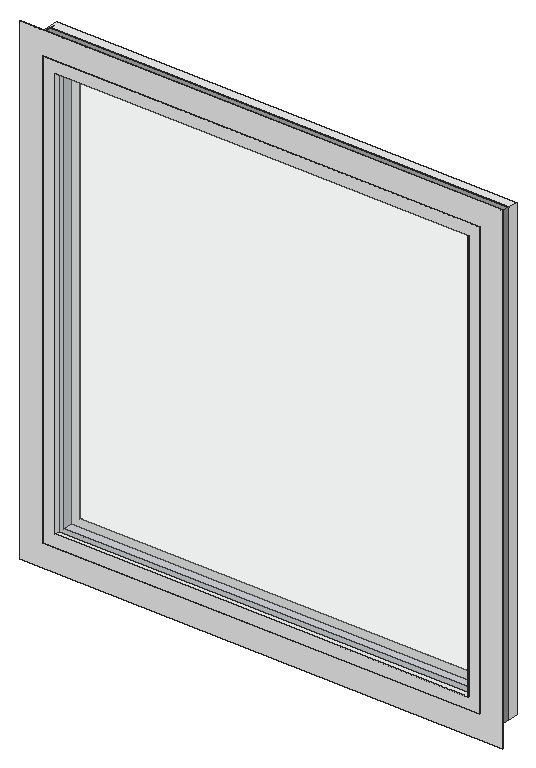
Revit family "Edge_TB42_F_Top_Hung_Custom", category Windows, host Wall, Revit 2014
Parameters (values of type "Casement_Sash_DG")
  Width Sash [instance] = 30 mm
  Width Sash Inner = 15 mm
  Width Bead = 15 mm
  Top Hung [instance] = yes
  Thermal Break Material = Rubber, Black
  Thermal Break Length = 16 mm
  Side Hung Right [instance] = yes
  Side Hung Left [instance] = yes
  Sash Opening Width [instance] = 600 mm
  Sash Opening Height [instance] = 600 mm
  Sash Lip = 15 mm
  Sash Leg [instance] = (Depth Sash - Thermal Break Length) / 2  # 13 mm
  SG Bead Leg = 6.683 mm
  Glazing Material [instance] = Glass
  Glazing Offset = 5 mm
  DG Start Piece 2 [instance] = DG End Piece 1 + DG Gasket Thickness  # 24.158 mm
  DG Start Peice 1 [instance] = ((Depth Sash - (2 * DG Glazing Thickness) - DG Gasket Thickness) / 2) - (SG Bead Leg - Aluminium Thickness) / 2  # 5.758 mm
  DG Glazing Thickness [instance] = 6.4 mm
  DG Gasket Thickness = 12 mm  # constant formula
  DG Gasket Material [instance] = none
  Depth Sash [instance] = 42 mm
  DG End Piece 2 [instance] = DG Start Piece 2 + DG Glazing Thickness  # 30.558 mm
  DG End Piece 1 [instance] = DG Start Peice 1 + DG Glazing Thickness  # 12.158 mm
  Center Vertical Sash [instance] = Sash Opening Height / 2  # 300 mm
  Center Horizontal Sash [instance] = Sash Opening Width / 2  # 300 mm
  Bottom Hung [instance] = yes
  Bead Offset = 15 mm
  Aluminium Thickness = 1 mm
  Aluminium Material [instance] = White Powder Coated Aluminium
Reference planes
  plane 1 "Center (Front/Back)": y = 0
  plane 2: z = 0
  plane 3 "Center (Left/Right)": x = 0
Forms (mm)
  Sweep 1, solid, material "White Powder Coated Aluminium" <- "Aluminium Material"
    path origin (16.177, 0, 121.331) x (1, 0, 0) y (0, 0, 1)
      loop
        line (0, 0) -> (600, 0) -> (600, 600) -> (0, 600) -> (0, 0)
    profile origin (316.177, 0, 121.331) x (0, 0, 1) y (0, -1, 0)
      loop
        line (0, 0) -> (30, 0) -> (30, 1) -> (15, 1) -> (15, 13) -> (14, 13) -> (14, 1) -> (1, 1) -> (1, 13) -> (0, 13) -> (0, 0)
      loop
        line (15, 42) -> (-15, 42) -> (-15, 41) -> (0, 41) -> (0, 29) -> (1, 29) -> (1, 41) -> (14, 41) -> (14, 29) -> (15, 29) -> (15, 42)
  Sweep 2, solid, material "White Powder Coated Aluminium" <- "Aluminium Material"
    path origin (0, 0, 0) x (1, 0, 0) y (0, 0, 1)
      loop
        line (31.177, 706.331) -> (31.177, 136.331) -> (601.177, 136.331) -> (601.177, 706.331) -> (31.177, 706.331)
    profile origin (316.177, 0, 706.331) x (0, 0, 1) y (0, -1, 0)
      loop
        line (0, 41) -> (0, 42) -> (-15, 42) -> (-15, 35.317) -> (-14, 35.317) -> (-14, 41) -> (0, 41)
  Extrusion 3, solid, material "Glass" <- "Glazing Material"
    sketch origin (0, 0, 0) x (1, 0, 0) y (0, 0, 1)
      loop
        line (36.177, 701.331) -> (36.177, 141.331) -> (596.177, 141.331) -> (596.177, 701.331) -> (36.177, 701.331)
    from 5.758 <- "DG Start Peice 1" to 12.158 <- "DG End Piece 1"
  Extrusion 4, solid, material "Glass" <- "Glazing Material"
    sketch origin (0, 0, 0) x (1, 0, 0) y (0, 0, 1)
      loop
        line (36.177, 701.331) -> (36.177, 141.331) -> (596.177, 141.331) -> (596.177, 701.331) -> (36.177, 701.331)
    from 30.558 <- "DG End Piece 2" to 24.158 <- "DG Start Piece 2"
  Sweep 5, solid, material <- "DG Gasket Material"
    path origin (0, -12.158, 0) x (1, 0, 0) y (0, 0, 1)
      loop
        line (36.177, 701.331) -> (36.177, 141.331) -> (596.177, 141.331) -> (596.177, 701.331) -> (36.177, 701.331)
    profile origin (316.177, -12.158, 701.331) x (0, 0, 1) y (0, -1, 0)
      loop
        line (0, 0) -> (0, 12) -> (-7.96, 12) -> (-7.96, 0) -> (0, 0)
  Sweep 6, solid, material "Rubber, Black" <- "Thermal Break Material"
    path origin (16.177, -13, 121.331) x (1, 0, 0) y (0, 0, 1)
      loop
        line (-15, 615) -> (-15, -15) -> (615, -15) -> (615, 615) -> (-15, 615)
    profile origin (316.177, -13, 736.331) x (0, 0, 1) y (0, -1, 0)
      loop
        line (-15, 16) -> (-16, 16) -> (-16, 0) -> (-15, 0) -> (-15, 16)
      loop
        line (-29, 16) -> (-30, 16) -> (-30, 0) -> (-29, 0) -> (-29, 16)
Lines and regions (mm)
  model lines
    curve 1: line (1.177, -42, 736.331) -> (31.177, -42, 706.331)
    curve 2: line (601.177, -42, 706.331) -> (631.177, -42, 736.331)
    curve 3: line (601.177, -42, 136.331) -> (631.177, -42, 106.331)
    curve 4: line (1.177, -42, 106.331) -> (31.177, -42, 136.331)
    curve 5: line (631.177, -41, 736.331) -> (616.177, -41, 721.331)
    curve 6: line (1.177, -41, 736.331) -> (16.177, -41, 721.331)
    curve 7: line (1.177, -41, 106.331) -> (16.177, -41, 121.331)
    curve 8: line (631.177, -41, 106.331) -> (616.177, -41, 121.331)
    curve 9: line (616.177, 0, 121.331) -> (586.177, 0, 151.331)
    curve 10: line (46.177, 0, 151.331) -> (16.177, 0, 121.331)
    curve 11: line (616.177, 0, 721.331) -> (586.177, 0, 691.331)
    curve 12: line (46.177, 0, 691.331) -> (16.177, 0, 721.331)
    curve 13: line (31.177, -42, 691.331) -> (46.177, -42, 691.331)
    curve 14: line (586.177, -42, 691.331) -> (601.177, -42, 691.331)
    curve 15: line (586.177, -42, 151.331) -> (601.177, -42, 151.331)
    curve 16: line (31.177, -42, 151.331) -> (46.177, -42, 151.331)
  model lines, style "GenericModelHiddenLines", visible <- "Top Hung"
    curve 17: line (46.386, -30.558, 690.602) -> (316.177, -30.558, 151.331)
    curve 18: line (316.177, -30.558, 151.331) -> (586.177, -30.558, 691.018)
  model lines, style "GenericModelHiddenLines", visible <- "Bottom Hung"
    curve 19: line (46.177, -30.558, 151.331) -> (316.177, -30.558, 691.018)
    curve 20: line (316.177, -30.558, 691.018) -> (586.177, -30.558, 151.331)
  model lines, style "GenericModelHiddenLines", visible <- "Side Hung Left"
    curve 21: line (46.386, -30.558, 690.602) -> (585.24, -30.558, 421.331)
    curve 22: line (585.24, -30.558, 421.331) -> (46.177, -30.558, 151.331)
  model lines, style "GenericModelHiddenLines", visible <- "Side Hung Right"
    curve 23: line (586.177, -30.558, 691.018) -> (46.177, -30.558, 421.331)
    curve 24: line (46.177, -30.558, 421.331) -> (586.177, -30.558, 151.331)
Dimensions and locks
  "Aluminium Thickness": Sweep 1 sketch curve to Sweep 1 sketch curve  (x6)
  "Depth Sash": Sweep 1 sketch curve to Sweep 1 sketch curve
  "Sash Opening Width": Sweep 1 to Sweep 1
  "Sash Opening Height": Sweep 1 to Sweep 1
  "Width Sash": Sweep 1 sketch curve to Sweep 1 sketch curve  (x2)
  "Width Sash Inner": Sweep 1 sketch curve to Sweep 1 sketch curve
  "Sash Lip": Sweep 1 sketch curve to Sweep 1 sketch curve
  "Glazing Offset": Sweep 2 to Extrusion 3 sketch curve  (x3)
  "Glazing Offset": Extrusion 3 sketch curve to Sweep 2
  Sweep 1 to Sweep 1 = 1 mm
  "Width Bead": Sweep 2 sketch curve to Sweep 2 sketch curve
  locked: Sweep 5 sketch curve to Sweep 5 sketch curve at 7.96
  "Center Horizontal Sash": Sweep 1 to curve 18
  "Center Horizontal Sash": Sweep 1 to curve 20
  "Center Vertical Sash": Sweep 1 to curve 22
  "Center Vertical Sash": Sweep 1 to curve 24
  "Sash Leg": Sweep 1 sketch curve to Sweep 1 sketch curve
  "Aluminium Thickness": Sweep 2 sketch curve to Sweep 2 sketch curve  (x2)
  "SG Bead Leg": Sweep 2 sketch curve to Sweep 2 sketch curve
  aligned and locked: level to plane 2
  aligned and locked: Sweep 1 sketch curve to Sweep 1 sketch curve  (x3)
  aligned and locked: Sweep 2 sketch curve to Sweep 1  (x4)
  aligned and locked: Sweep 1 to Sweep 2 sketch curve  (x2)
  aligned and locked: Extrusion 4 sketch curve to Extrusion 3  (x4)
  aligned and locked: Sweep 5 sketch curve to Extrusion 3  (x5)
  aligned and locked: Extrusion 3 to Sweep 5 sketch curve
  aligned and locked: Sweep 6 sketch curve to Sweep 1  (x10)
  aligned and locked: Sweep 1 to Sweep 6 sketch curve  (x2)
Automatic sketch dimensions
  plane 3 "Center (Left/Right)" to Sweep 1 sketch curve = 16.177 mm
  level to Sweep 1 sketch curve = 121.331 mm
  plane 3 "Center (Left/Right)" to Sweep 1 sketch curve = 616.177 mm
  level to Sweep 1 sketch curve = 721.331 mm
  profile plane to Sweep 5 sketch curve = 12 mm
  curve 7 to Sweep 1 = 0 mm  (x4)
  curve 6 to Sweep 1 = 0 mm  (x3)
  Sweep 1 to curve 6 = 0 mm
  curve 5 to Sweep 1 = 0 mm  (x3)
  curve 8 to Sweep 1 = 0 mm  (x4)
  Sweep 1 to curve 5 = 0 mm
  curve 16 to Sweep 2 = 0 mm  (x3)
  curve 13 to Sweep 2 = 0 mm  (x3)
  curve 15 to Sweep 2 = 0 mm
  Sweep 2 to curve 15 = 0 mm  (x2)
  curve 14 to Sweep 2 = 0 mm  (x2)
  Sweep 2 to curve 14 = 0 mm
  curve 1 to Sweep 1 = 0 mm  (x4)
  curve 4 to Sweep 1 = 0 mm  (x4)
  curve 2 to Sweep 1 = 0 mm  (x4)
  curve 3 to Sweep 1 = 0 mm  (x2)
  Sweep 1 to curve 3 = 0 mm  (x2)
  curve 10 to Sweep 1 = 0 mm  (x4)
  curve 12 to Sweep 1 = 0 mm  (x2)
  Sweep 1 to curve 12 = 0 mm  (x2)
  curve 11 to Sweep 1 = 0 mm  (x4)
  curve 9 to Sweep 1 = 0 mm  (x4)
  profile plane to Sweep 1 sketch curve = 0 mm  (x2)
  Sweep 1 sketch curve to plane 1 "Center (Front/Back)" = 0 mm
  Sweep 1 sketch curve to Sweep 1 sketch curve = 13 mm
  Sweep 1 sketch curve to Sweep 1 sketch curve = 12 mm  (x2)
  curve 21 to Extrusion 4 = 10.208 mm
  curve 19 to Extrusion 4 = 10 mm
  curve 23 to Extrusion 4 = 10 mm  (x2)
  curve 22 to Extrusion 4 = 10.937 mm
  curve 20 to Extrusion 4 = 10 mm
  curve 24 to Extrusion 4 = 10 mm
  curve 22 to Extrusion 4 = 10 mm
  curve 18 to Extrusion 4 = 10 mm
  curve 21 to Extrusion 4 = 10.729 mm
  curve 19 to Extrusion 4 = 10.312 mm
  curve 18 to Extrusion 4 = 10.312 mm
